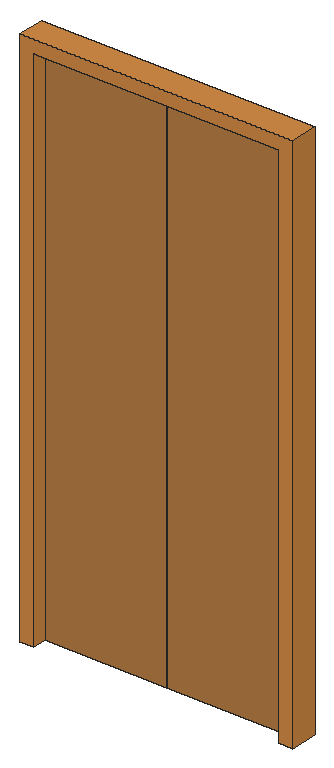
Revit family "door_double_panel", category Doors, host Wall, Revit 2015
Parameters
  Website (Personal) = "http://revit.sg"
  JOIN ME! - Revit.SG = "http://revit.sg/signup_form.html"
  Function = Interior
  Frame Projection Ext. = 25 mm
  Frame Projection Int. = 25 mm
  Frame Width = 75 mm
  Height = 2000 mm
  Wall Closure = By host
  Width = 1000 mm
  Creator = "Gary Lim"  # constant formula
Reference planes
  plane 1: y = 0
  plane 2 "Center (Left/Right)": x = 0
  plane 3 "Left": x = -500
  plane 4 "Right": x = 500
  plane 5: z = 2000
  plane 6 "Exterior": y = 75
  plane 7 "Interior": y = -75
Forms (mm)
  Sweep 1, solid, material "Aluminium"
    path origin (0, 75, 0) x (1, 0, 0) y (0, 0, 1)
      loop
        line (500, 0) -> (500, 2000) -> (-500, 2000) -> (-500, 0)
    profile origin (500, 75, 1000) x (-1, 0, 0) y (0, -1, 0)
      loop
        line (0, 0) -> (50, 0) -> (50, 100) -> (0, 100) -> (0, 0)
  Extrusion 2, solid, material "Cherry Wood"
    sketch origin (0, 75, 0) x (1, 0, 0) y (0, 0, 1)
      loop
        line (450, 1950) -> (0, 1950) -> (0, 0) -> (450, 0) -> (450, 1950)
    from 0 to 50
  Extrusion 3, solid, material "Cherry Wood"
    sketch origin (0, 75, 0) x (-1, 0, 0) y (0, 0, -1)
      loop
        line (450, -1950) -> (450, 0) -> (0, 0) -> (0, -1950) -> (450, -1950)
    from 0 to 50
Lines and regions (mm)
  Opening 1
    outline origin (-3050, -75, 0) x (1, 0, 0) y (0, 0, 1)
      loop
        line (2550, 0) -> (3550, 0) -> (3550, 2000) -> (2550, 2000) -> (2550, 0)
  symbolic lines, style "Elevation Swing"
    curve 1: line (500, -75, 1000) -> (0, -75, 2000)
    curve 2: line (500, -75, 1000) -> (0, -75, 0)
    curve 4: line (-500, -75, 1000) -> (0, -75, 2000)
    curve 5: line (-500, -75, 1000) -> (0, -75, 0)
  symbolic lines, style "DoorsPanelProjection"
    curve 3: line (450, 75, 0) -> (450, 525, 0)
    curve 7: line (-450, 75, 0) -> (-450, 525, 0)
  symbolic lines, style "Plan Swing"
    curve 6: arc (0, 75, 0) -> (131.802, 393.198, 0) -> (450, 525, 0) r 450
    curve 8: arc (0, 75, 0) -> (-131.802, 393.198, 0) -> (-450, 525, 0) r 450
Text (mm)
  text "Exterior" at (-2295.016, 1099.543, 0), in view "Ref. Level"
  text "Exterior" at (0, 1615.38, 3698.081), in view "Left"
  text "Exterior" at (0, 1036.032, 3874.932), in view "Right"
Dimensions and locks
  equal spacing: plane 3 "Left", plane 2 "Center (Left/Right)", plane 4 "Right"
  "Width": plane 3 "Left" to plane 4 "Right"
  "Height": plane 5 to host wall
  equal spacing: host wall, curve 2, plane 5
  host wall to plane 5 = 2000 mm
  locked: plane 6 "Exterior" to host wall at 0
  locked: plane 7 "Interior" to host wall
  equal spacing: level, curve 5, plane 5
  aligned and locked: plane 3 "Left" to Opening 1 sketch curve
  aligned and locked: plane 5 to Opening 1 sketch curve  (x2)
  aligned and locked: Opening 1 sketch curve to plane 4 "Right"
  aligned and locked: Opening 1 sketch curve to level
  aligned and locked: plane 1 to host wall
  aligned and locked: Sweep 1 sketch curve to profile plane
  aligned and locked: Sweep 1 sketch curve to host wall
  aligned and locked: Extrusion 2 sketch curve to Sweep 1  (x2)
  aligned and locked: Sweep 1 to Extrusion 2 sketch curve
  aligned and locked: plane 2 "Center (Left/Right)" to Extrusion 2 sketch curve
  aligned and locked: curve 1 to host wall
  aligned and locked: curve 2 to Extrusion 2
Automatic sketch dimensions
  plane 3 "Left" to Sweep 1 sketch curve = 0 mm
  plane 4 "Right" to Sweep 1 sketch curve = 0 mm
  Sweep 1 sketch curve to level = 0 mm  (x2)
  Sweep 1 sketch curve to plane 5 = 0 mm
  Sweep 1 sketch curve to profile plane = 50 mm
  plane 6 "Exterior" to Sweep 1 sketch curve = 100 mm
  Extrusion 3 sketch curve to plane 2 "Center (Left/Right)" = 0 mm
  Extrusion 3 sketch curve to level = 0 mm
  plane 3 "Left" to Extrusion 3 sketch curve = 50 mm
  Extrusion 3 sketch curve to plane 5 = 50 mm
  curve 2 to level = 0 mm
  curve 1 to plane 2 "Center (Left/Right)" = 0 mm
  plane 4 "Right" to curve 2 = 0 mm
  plane 3 "Left" to curve 5 = 0 mm
  curve 5 to level = 0 mm
  curve 5 to plane 2 "Center (Left/Right)" = 0 mm
  curve 4 to plane 2 "Center (Left/Right)" = 0 mm
  curve 4 to plane 5 = 0 mm
  curve 7 to host wall = 0 mm
  curve 8 to host wall = 0 mm
  curve 6 to host wall = 0 mm
  curve 6 to plane 2 "Center (Left/Right)" = 0 mm
  curve 8 to plane 2 "Center (Left/Right)" = 0 mm
  curve 3 to host wall = 0 mm
  curve 7 to plane 3 "Left" = 50 mm
  plane 4 "Right" to curve 3 = 50 mm
